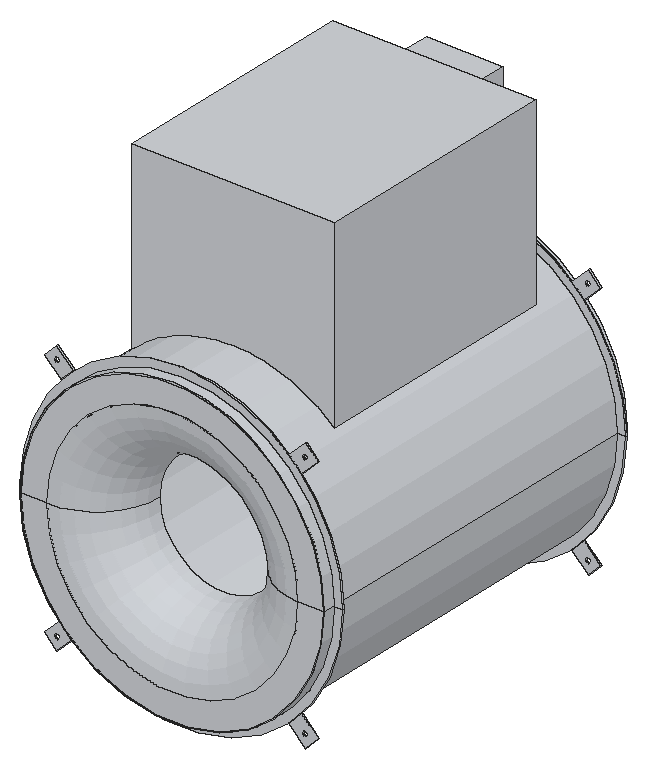
Revit family "QMX_Vertical_Level_2", category Mechanical Equipment, Revit 2019
Family settings
  Round Connector Dimension = Use Radius
  Part Type = Normal
  Work Plane-Based = No
  Always vertical = Yes
  Cut with Voids When Loaded = No
  Shared = No
  Room Calculation Point = No
Parameters (values of type "365-QMX_VER_LEVEL_2")
  hole_dia = 59 1/2"
  hole = (sqrt((hole_dia ^ 2) / 2)) / 2  # 21.03643"
  Unit Weight [instance] = ""
  Sones [instance] = ""
  Motor RPM [instance] = ""
  Motor Enclosure [instance] = ""
  ModelID [instance] = ""
  MC/2 = 17 1/4"
  LwA [instance] = ""
  H/2 = H / 2  # 13/32"
  H = 13/16"
  G/2 = G / 2  # 31 11/16"
  Fan RPM [instance] = ""
  Brake Hp [instance] = ""
  BRACKET/2 = BRACKET / 2  # 2"
  BRACKET = 4"
  Accessories [instance] = ""
  45 = 45.00°
  3 = 3"  # constant formula
  1.9375 = 1 15/16"  # constant formula
  -(G/2)-.75 = -((G / 2) - 3/4")  # -30 15/16"
  (G/2)-.75 = (G / 2) - 3/4"  # 30 15/16"
  G+1.5 = G + 1 1/2"  # 64 7/8"
  G = 63 3/8"
  F/2 = F / 2  # 20 1/4"
  F-1.5 = F - 1 1/2"  # 39"
  F+1.5 = F + 1 1/2"  # 42"
  F = 40 1/2"
  E-D-1.5 = E - D - 1 1/2"  # 48 15/16"
  E-D = E - D  # 50 7/16"
  E = 80 1/4"
  D = 29 13/16"
  C/2 = C / 2  # 27 3/8"
  C = 54 3/4"
  B/8 = B / 6  # 10.66667"
  B/6 = B / 6  # 10.66667"
  B/3*2 = B / 3 * 2  # 42.66667"
  B/2 = B / 2  # 32"
  B/10 = B / 10  # 6.4"
  B = 64"
  A/8 = A / 8  # 6 15/32"
  A/4 = A / 4  # 12 15/16"
  A/2 = A / 2  # 25 7/8"
  A = 51 3/4"
  0 = 0"  # constant formula
  Voltage [instance] = 0 V
  URL = "www.lorencook.com"
  Type Comments = "Mixed Flow Inline Vertical Mount Level 2 Belt Drive Arrangement 9"  # constant formula
  Static Pressure [instance] = 0.00 in-wg
  Power [instance] = Voltage * Motor FLA * sqrt(if(Phase = 3, 3, 1))  # 0 VA
  Phase [instance] = 0
  Number of Poles [instance] = 1
  Motor Hp [instance] = "0"
  Motor FLA [instance] = 0 A
  Model = "QMX-Vertical Level 2"  # constant formula
  Manufacturer = "Loren Cook Company"
  CFM [instance] = 0 CFM
  1.5 = 1 1/2"  # constant formula
  ONE EIGTH = 1/8"  # constant formula
  -(B/2) = -(B / 2)  # -32"
  (F+3)/2 = (F + 3") / 2  # 21 3/4"
  (A/2)-.125 = (A / 2) - 1/8"  # 25 3/4"
Types (19): name | hole_dia | hole | MC/2 | H/2 | H | G/2 | BRACKET/2 | BRACKET | -(G/2)-.75 | (G/2)-.75 | G+1.5 | G | F/2 | F-1.5 | F+1.5 | F | E-D-1.5 | E-D | E | D | C/2 | C | B/8 | B/6 | B/3*2 | B/2 | B/10 | B | A/8 | A/4 | A/2 | A | -(B/2) | (F+3)/2 | (A/2)-.125
  (no name) | 59 1/2" | 21.03643" | 17 1/4" | 13/32" | 13/16" | 31 11/16" | 2" | 4" | -30 15/16" | 30 15/16" | 64 7/8" | 63 3/8" | 20 1/4" | 39" | 42" | 40 1/2" | 48 15/16" | 50 7/16" | 80 1/4" | 29 13/16" | 27 3/8" | 54 3/4" | 10.66667" | 10.66667" | 42.66667" | 32" | 6.4" | 64" | 6 15/32" | 12 15/16" | 25 7/8" | 51 3/4" | -32" | 21 3/4" | 25 3/4"
  90-QMX_VER_LEVEL_2 | 19 3/16" | 6.78381" | 6" | 1/4" | 1/2" | 9 3/16" | 1 1/2" | 3" | -8 7/16" | 8 7/16" | 19 7/8" | 18 3/8" | 6 3/16" | 10 7/8" | 13 7/8" | 12 3/8" | 21 1/4" | 22 3/4" | 31 1/4" | 8 1/2" | 7 15/16" | 15 7/8" | 3 5/16" | 3 5/16" | 13 1/4" | 9 15/16" | 1.9875" | 19 7/8" | 1 77/128" | 3 13/64" | 6 13/32" | 12 13/16" | -9 15/16" | 7 11/16" | 6 9/32"
  120-QMX_VER_LEVEL_2 | 23 9/16" | 8.3306" | 8" | 1/4" | 1/2" | 11 1/4" | 1 1/2" | 3" | -10 1/2" | 10 1/2" | 24" | 22 1/2" | 7 3/4" | 14" | 17" | 15 1/2" | 24 11/16" | 26 3/16" | 36 11/16" | 10 1/2" | 10 1/32" | 20 1/16" | 4" | 4" | 16" | 12" | 2.4" | 24" | 2 17/128" | 4 17/64" | 8 17/32" | 17 1/16" | -12" | 9 1/4" | 8 13/32"
  135-QMX_VER_LEVEL_2 | 25 13/16" | 9.1261" | 9" | 1/4" | 1/2" | 12 3/4" | 1 1/2" | 3" | -12" | 12" | 27" | 25 1/2" | 8 3/4" | 16" | 19" | 17 1/2" | 26" | 27 1/2" | 39 1/2" | 12" | 11 1/8" | 22 1/4" | 4 1/2" | 4 1/2" | 18" | 13 1/2" | 2.7" | 27" | 2 13/32" | 4 13/16" | 9 5/8" | 19 1/4" | -13 1/2" | 10 1/4" | 9 1/2"
  150-QMX_VER_LEVEL_2 | 28" | 9.89949" | 10" | 1/4" | 1/2" | 14 5/16" | 1 1/2" | 3" | -13 9/16" | 13 9/16" | 30 1/8" | 28 5/8" | 9 3/8" | 17 1/4" | 20 1/4" | 18 3/4" | 27 3/8" | 28 7/8" | 42 1/16" | 13 3/16" | 12 3/16" | 24 3/8" | 5" | 5" | 20" | 15" | 3" | 30" | 2 43/64" | 5 11/32" | 10 11/16" | 21 3/8" | -15" | 10 7/8" | 10 9/16"
  165-QMX_VER_LEVEL_2 | 30 1/8" | 10.6508" | 10" | 1/4" | 1/2" | 15 13/16" | 1 1/2" | 3" | -15 1/16" | 15 1/16" | 33 1/8" | 31 5/8" | 10 13/32" | 19 5/16" | 22 5/16" | 20 13/16" | 27 15/16" | 29 7/16" | 43 3/4" | 14 5/16" | 13 1/4" | 26 1/2" | 5 1/2" | 5 1/2" | 22" | 16 1/2" | 3.3" | 33" | 2 15/16" | 5 7/8" | 11 3/4" | 23 1/2" | -16 1/2" | 11 29/32" | 11 5/8"
  180-QMX_VER_LEVEL_2 | 32 5/16" | 11.42419" | 10" | 9/32" | 9/16" | 16 13/16" | 1 1/2" | 3" | -16 1/16" | 16 1/16" | 35 1/8" | 33 5/8" | 11 13/32" | 21 5/16" | 24 5/16" | 22 13/16" | 29 1/4" | 30 3/4" | 46 1/4" | 15 1/2" | 14 5/16" | 28 5/8" | 5.83333" | 5.83333" | 23.33333" | 17 1/2" | 3 1/2" | 35" | 3 13/64" | 6 13/32" | 12 13/16" | 25 5/8" | -17 1/2" | 12 29/32" | 12 11/16"
  202-QMX_VER_LEVEL_2 | 35 1/2" | 12.55115" | 10" | 9/32" | 9/16" | 18 1/16" | 1 1/2" | 3" | -17 5/16" | 17 5/16" | 37 5/8" | 36 1/8" | 12 1/8" | 22 3/4" | 25 3/4" | 24 1/4" | 31 3/16" | 32 11/16" | 49 15/16" | 17 1/4" | 15 7/8" | 31 3/4" | 6 1/4" | 6 1/4" | 25" | 18 3/4" | 3 3/4" | 37 1/2" | 3 19/32" | 7 3/16" | 14 3/8" | 28 3/4" | -18 3/4" | 13 5/8" | 14 1/4"
  225-QMX_VER_LEVEL_2 | 38 3/4" | 13.70019" | 10 165/256" | 9/32" | 9/16" | 19 13/16" | 1 1/2" | 3" | -19 1/16" | 19 1/16" | 41 1/8" | 39 5/8" | 13 15/32" | 25 7/16" | 28 7/16" | 26 15/16" | 35 5/16" | 36 13/16" | 55 13/16" | 19" | 17 15/32" | 34 15/16" | 6.83333" | 6.83333" | 27.33333" | 20 1/2" | 4.1" | 41" | 3 127/128" | 7 63/64" | 15 31/32" | 31 15/16" | -20 1/2" | 14 31/32" | 15 27/32"
  245-QMX_VER_LEVEL_2 | 41 9/16" | 14.69456" | 11 149/256" | 11/32" | 11/16" | 21 9/16" | 1 1/2" | 3" | -20 13/16" | 20 13/16" | 44 5/8" | 43 1/8" | 14 15/32" | 27 7/16" | 30 7/16" | 28 15/16" | 37" | 38 1/2" | 59" | 20 1/2" | 18 7/8" | 37 3/4" | 7.41667" | 7.41667" | 29.66667" | 22 1/4" | 4.45" | 44 1/2" | 4 11/32" | 8 11/16" | 17 3/8" | 34 3/4" | -22 1/4" | 15 31/32" | 17 1/4"
  270-QMX_VER_LEVEL_2 | 45 1/8" | 15.9541" | 12 197/256" | 11/32" | 11/16" | 22 13/16" | 1 1/2" | 3" | -22 1/16" | 22 1/16" | 47 1/8" | 45 5/8" | 15 1/2" | 29 1/2" | 32 1/2" | 31" | 38 15/16" | 40 7/16" | 62 7/8" | 22 7/16" | 20 21/32" | 41 5/16" | 7.83333" | 7.83333" | 31.33333" | 23 1/2" | 4.7" | 47" | 4 101/128" | 9 37/64" | 19 5/32" | 38 5/16" | -23 1/2" | 17" | 19 1/32"
  300-QMX_VER_LEVEL_2 | 49 3/8" | 17.4567" | 14 43/256" | 11/32" | 11/16" | 26 5/16" | 1 1/2" | 3" | -25 9/16" | 25 9/16" | 54 1/8" | 52 5/8" | 16 7/8" | 32 1/4" | 35 1/4" | 33 3/4" | 41 13/16" | 43 5/16" | 68 1/16" | 24 3/4" | 22 3/4" | 45 1/2" | 9" | 9" | 36" | 27" | 5.4" | 54" | 5 5/16" | 10 5/8" | 21 1/4" | 42 1/2" | -27" | 18 3/8" | 21 1/8"
  330-QMX_VER_LEVEL_2 | 53 5/8" | 18.9593" | 15 149/256" | 11/32" | 11/16" | 28 9/16" | 1 1/2" | 3" | -27 13/16" | 27 13/16" | 58 5/8" | 57 1/8" | 18 3/8" | 35 1/4" | 38 1/4" | 36 3/4" | 46 5/16" | 47 13/16" | 74 13/16" | 27" | 24 7/8" | 49 3/4" | 9 3/4" | 9 3/4" | 39" | 29 1/4" | 5.85" | 58 1/2" | 5 27/32" | 11 11/16" | 23 3/8" | 46 3/4" | -29 1/4" | 19 7/8" | 23 1/4"
  365-QMX_VER_LEVEL_2 | 59 1/2" | 21.03643" | 17 1/4" | 13/32" | 13/16" | 31 11/16" | 2" | 4" | -30 15/16" | 30 15/16" | 64 7/8" | 63 3/8" | 20 1/4" | 39" | 42" | 40 1/2" | 48 15/16" | 50 7/16" | 80 1/4" | 29 13/16" | 27 3/8" | 54 3/4" | 10.66667" | 10.66667" | 42.66667" | 32" | 6.4" | 64" | 6 15/32" | 12 15/16" | 25 7/8" | 51 3/4" | -32" | 21 3/4" | 25 3/4"
  402-QMX_VER_LEVEL_2 | 64 7/8" | 22.93678" | 18 251/256" | 13/32" | 13/16" | 33 15/16" | 2" | 4" | -33 3/16" | 33 3/16" | 69 3/8" | 67 7/8" | 22" | 42 1/2" | 45 1/2" | 44" | 54 1/8" | 55 5/8" | 88 5/16" | 32 11/16" | 29 31/32" | 59 15/16" | 11.41667" | 11.41667" | 45.66667" | 34 1/4" | 6.85" | 68 1/2" | 7 15/128" | 14 15/64" | 28 15/32" | 56 15/16" | -34 1/4" | 23 1/2" | 28 11/32"
  445-QMX_VER_LEVEL_2 | 70 7/8" | 25.0581" | 21 5/256" | 13/32" | 13/16" | 36 11/16" | 2" | 4" | -35 15/16" | 35 15/16" | 74 7/8" | 73 3/8" | 24 1/8" | 46 3/4" | 49 3/4" | 48 1/4" | 57 3/8" | 58 7/8" | 94 7/8" | 36" | 33 1/32" | 66 1/16" | 12.33333" | 12.33333" | 49.33333" | 37" | 7.4" | 74" | 7 113/128" | 15 49/64" | 31 17/32" | 63 1/16" | -37" | 25 5/8" | 31 13/32"
  490-QMX_VER_LEVEL_2 | 78 1/8" | 27.62136" | 23 1/8" | 13/32" | 13/16" | 39 15/16" | 2" | 4" | -39 3/16" | 39 3/16" | 81 3/8" | 79 7/8" | 26 3/8" | 51 1/4" | 54 1/4" | 52 3/4" | 62 7/16" | 63 15/16" | 103 3/8" | 39 7/16" | 36 1/4" | 72 1/2" | 13.41667" | 13.41667" | 53.66667" | 40 1/4" | 8.05" | 80 1/2" | 8 43/64" | 17 11/32" | 34 11/16" | 69 3/8" | -40 1/4" | 27 7/8" | 34 9/16"
  540-QMX_VER_LEVEL_2 | 85 3/16" | 30.11833" | 25 123/256" | 13/32" | 13/16" | 43 3/16" | 2" | 4" | -42 7/16" | 42 7/16" | 87 7/8" | 86 3/8" | 29" | 56 1/2" | 59 1/2" | 58" | 66 1/8" | 67 5/8" | 110 15/16" | 43 5/16" | 39 25/32" | 79 9/16" | 14 1/2" | 14 1/2" | 58" | 43 1/2" | 8.7" | 87" | 9 71/128" | 19 7/64" | 38 7/32" | 76 7/16" | -43 1/2" | 30 1/2" | 38 3/32"
  600-QMX_VER_LEVEL_2 | 93 3/4" | 33.14563" | 28 75/256" | 13/32" | 13/16" | 47 7/16" | 2" | 4" | -46 11/16" | 46 11/16" | 96 3/8" | 94 7/8" | 32" | 62 1/2" | 65 1/2" | 64" | 70 9/16" | 72 1/16" | 122 1/16" | 50" | 44 3/16" | 88 3/8" | 15.91667" | 15.91667" | 63.66667" | 47 3/4" | 9.55" | 95 1/2" | 10 39/64" | 21 7/32" | 42 7/16" | 84 7/8" | -47 3/4" | 33 1/2" | 42 5/16"
Reference planes (in)
  plane 1 "Center (Front/Back)": y = 0
  plane 2: z = 0
  plane 3 "Center (Left/Right)": x = 0.40541
Forms (in)
  Extrusion 1, solid
    sketch origin (0, 0, 0) x (1, 0, 0) y (0, 0, 1)
      loop
        circle (0.40541, 0) r 25.875
      loop
        circle (0.40541, 0) r 25.75
    from -32 <- "-(B/2)" to 32 <- "B/2"
  Revolve 2, solid
    sketch origin (0, 0, 0) x (1, 0, 0) y (0, 1, 0)
      loop
        line (-25.34459, -32) -> (0.40541, -32) -> (0.40541, -21.33333) -> (-25.34459, -21.33333) -> (-25.34459, -32)
      axis (0.40541, -32) -> (0.40541, -21.33333)
    angle from 0 to 360
  Revolve 3, void
    sketch origin (0, 0, 0) x (1, 0, 0) y (0, 1, 0)
      loop
        line (0.40541, -21.33333) -> (-10.26125, -21.33333)
        arc (-10.26125, -21.33333) -> (-13.38545, -28.87581) -> (-20.92792, -32) r 10.66667
        line (-20.92792, -32) -> (0.40541, -32) -> (0.40541, -21.33333)
      axis (0.40541, -21.33333) -> (0.40541, -32)
    angle from 0 to 360
  Revolve 4, solid
    sketch origin (0, 0, 0) x (1, 0, 0) y (0, 1, 0)
      loop
        line (0.40541, 32) -> (-10.26125, 32) -> (-10.26125, 0) -> (0.40541, 0) -> (0.40541, 32)
      axis (0.40541, 32) -> (0.40541, 0)
    angle from 0 to 360
  Revolve 5, solid
    sketch origin (0, 0, 0) x (1, 0, 0) y (0, 1, 0)
      loop
        line (-26.96959, 30.0625) -> (-26.96959, 29.9375) -> (-25.46959, 29.9375) -> (-25.46959, 30.0625) -> (-26.96959, 30.0625)
      loop
        line (-26.96959, -29.9375) -> (-26.96959, -30.0625) -> (-25.46959, -30.0625) -> (-25.46959, -29.9375) -> (-26.96959, -29.9375)
      axis (0.40541, 30.0625) -> (0.40541, -30.0625)
    angle from 0 to 360
  Extrusion 6, solid
    sketch origin (0.40541, 29.9375, 0) x (-1, 0, 0) y (0, 0, -1)
      loop
        arc (6.46875, -25.05336) -> (0, -25.875) -> (-6.46875, -25.05336) r 25.875
        line (-6.46875, -25.05336) -> (-6.46875, -48.9375) -> (6.46875, -48.9375) -> (6.46875, -25.05336)
    from 0 to 6.4 <- "B/10"
  Extrusion 7, solid
    sketch origin (0.40541, 23.5375, 0) x (-1, 0, 0) y (0, 0, -1)
      loop
        line (-17.25, -19.28609) -> (-17.25, -50.4375) -> (17.25, -50.4375) -> (17.25, -19.28609)
        arc (17.25, -19.28609) -> (0, -25.875) -> (-17.25, -19.28609) r 25.875
    from 0 to 42.66667 <- "B/3*2"
  Extrusion 8, solid
    sketch origin (0.40541, -30.0625, 0) x (-1, 0, 0) y (0, 0, -1)
      loop
        line (20.38863, 18.26731) -> (23.21705, 21.09573) -> (21.09573, 23.21705) -> (18.26731, 20.38863)
        arc (18.26731, 20.38863) -> (19.35705, 19.35705) -> (20.38863, 18.26731) r 27.375
    from 0 to -0.125
  Extrusion 9, solid
    sketch origin (0.40541, -30.0625, 0) x (0, 0, -1) y (1, 0, 0)
      loop
        line (20.38863, 18.26731) -> (23.21705, 21.09573) -> (21.09573, 23.21705) -> (18.26731, 20.38863)
        arc (18.26731, 20.38863) -> (19.35705, 19.35705) -> (20.38863, 18.26731) r 27.375
    from 0 to -0.125
  Extrusion 10, solid
    sketch origin (0.40541, -30.0625, 0) x (1, 0, 0) y (0, 0, 1)
      loop
        line (20.38863, 18.26731) -> (23.21705, 21.09573) -> (21.09573, 23.21705) -> (18.26731, 20.38863)
        arc (18.26731, 20.38863) -> (19.35705, 19.35705) -> (20.38863, 18.26731) r 27.375
    from 0 to -0.125
  Extrusion 11, solid
    sketch origin (0.40541, -30.0625, 0) x (0, 0, 1) y (-1, 0, 0)
      loop
        line (20.38863, 18.26731) -> (23.21705, 21.09573) -> (21.09573, 23.21705) -> (18.26731, 20.38863)
        arc (18.26731, 20.38863) -> (19.35705, 19.35705) -> (20.38863, 18.26731) r 27.375
    from 0 to -0.125
  Extrusion 12, solid
    sketch origin (0.40541, 30.0625, 0) x (0, 0, -1) y (-1, 0, 0)
      loop
        line (18.26731, -20.38863) -> (21.09573, -23.21705) -> (23.21705, -21.09573) -> (20.38863, -18.26731)
        arc (20.38863, -18.26731) -> (19.35705, -19.35705) -> (18.26731, -20.38863) r 27.375
      loop
        arc (-18.26731, -20.38863) -> (-19.35705, -19.35705) -> (-20.38863, -18.26731) r 27.375
        line (-20.38863, -18.26731) -> (-23.21705, -21.09573) -> (-21.09573, -23.21705) -> (-18.26731, -20.38863)
      loop
        arc (-20.38863, 18.26731) -> (-19.35705, 19.35705) -> (-18.26731, 20.38863) r 27.375
        line (-18.26731, 20.38863) -> (-21.09573, 23.21705) -> (-23.21705, 21.09573) -> (-20.38863, 18.26731)
      loop
        arc (18.26731, 20.38863) -> (19.35705, 19.35705) -> (20.38863, 18.26731) r 27.375
        line (20.38863, 18.26731) -> (23.21705, 21.09573) -> (21.09573, 23.21705) -> (18.26731, 20.38863)
    from 0 to -0.125
  Extrusion 13, void
    sketch origin (0.40541, 30.0625, 0) x (0, 0, 1) y (-1, 0, 0)
      loop
        circle (-21.03643, -21.03643) r 0.40625
      loop
        circle (21.03643, -21.03643) r 0.40625
      loop
        circle (21.03643, 21.03643) r 0.40625
      loop
        circle (-21.03643, 21.03643) r 0.40625
    from 0 to 0.125
  Extrusion 14, void
    sketch origin (0.40541, -30.0625, 0) x (1, 0, 0) y (0, 0, -1)
      loop
        circle (-21.03643, -21.03643) r 0.40625
      loop
        circle (-21.03643, 21.03643) r 0.40625
      loop
        circle (21.03643, 21.03643) r 0.40625
      loop
        circle (21.03643, -21.03643) r 0.40625
    from 0 to 0.125
Cuts and joins
  Revolve 3 cuts Revolve 2
  Extrusion 13, Extrusion 14 cuts Revolve 5
  Extrusion 13 cuts Extrusion 12
  Extrusion 14 cuts Extrusion 8
  Extrusion 14 cuts Extrusion 9
  Extrusion 14 cuts Extrusion 10
  Extrusion 14 cuts Extrusion 11
Dimensions and locks (in)
  "0": Extrusion 1 sketch curve to level  (x2)
  "0": Revolve 2 sketch curve to plane 3 "Center (Left/Right)"  (x2)
  "0": Revolve 2 sketch curve to Extrusion 1
  "(A/2)-.125": Revolve 2 sketch curve to plane 3 "Center (Left/Right)"
  "B/8": Revolve 2 sketch curve to Extrusion 1
  "B/8": Revolve 3 sketch curve to plane 3 "Center (Left/Right)"
  "0": Revolve 3 sketch curve to Extrusion 1
  "0": Revolve 3 sketch curve to Revolve 2
  "0": Revolve 3 sketch curve to plane 3 "Center (Left/Right)"  (x2)
  "0": Revolve 4 sketch curve to plane 1 "Center (Front/Back)"
  "0": Revolve 4 sketch curve to plane 3 "Center (Left/Right)"  (x2)
  "B/8": Revolve 4 sketch curve to Revolve 4 sketch curve
  "ONE EIGTH": Revolve 5 sketch curve to Revolve 5 sketch curve  (x2)
  "A/2": Revolve 5 sketch curve to plane 3 "Center (Left/Right)"  (x2)
  "C/2": Revolve 5 sketch curve to plane 3 "Center (Left/Right)"  (x2)
  "0": Revolve 5 sketch curve to plane 3 "Center (Left/Right)"
  "A/8": plane 3 "Center (Left/Right)" to Extrusion 6 sketch curve
  "A/8": Extrusion 6 sketch curve to plane 3 "Center (Left/Right)"
  "E-D-1.5": Extrusion 6 sketch curve to level
  "E-D": Extrusion 7 sketch curve to level
  "MC/2": Extrusion 7 sketch curve to plane 3 "Center (Left/Right)"
  "MC/2": plane 3 "Center (Left/Right)" to Extrusion 7 sketch curve
  "0": Extrusion 7 sketch curve to level
  "0": plane 3 "Center (Left/Right)" to Extrusion 7 sketch curve
  "0": Extrusion 1 to Revolve 4 sketch curve
  "0": Extrusion 6 sketch curve to plane 3 "Center (Left/Right)"
  "3": Extrusion 8 sketch curve to Extrusion 8 sketch curve
  "BRACKET": Extrusion 8 sketch curve to Extrusion 8 sketch curve
  "0": Extrusion 8 sketch curve to level
  "0": Extrusion 8 sketch curve to plane 3 "Center (Left/Right)"
  "1.5": Extrusion 8 sketch curve to plane 3 "Center (Left/Right)"
  "3": Extrusion 9 sketch curve to Extrusion 9 sketch curve
  "BRACKET": Extrusion 9 sketch curve to Extrusion 9 sketch curve
  "3": Extrusion 10 sketch curve to Extrusion 10 sketch curve
  "BRACKET": Extrusion 10 sketch curve to Extrusion 10 sketch curve
  "3": Extrusion 11 sketch curve to Extrusion 11 sketch curve
  "BRACKET": Extrusion 11 sketch curve to Extrusion 11 sketch curve
  "1.5": Extrusion 9 sketch curve to plane 3 "Center (Left/Right)"
  "0": Extrusion 9 sketch curve to level
  "0": Extrusion 9 sketch curve to plane 3 "Center (Left/Right)"
  "0": Extrusion 10 sketch curve to level
  "0": Extrusion 10 sketch curve to plane 3 "Center (Left/Right)"
  "1.5": Extrusion 10 sketch curve to plane 3 "Center (Left/Right)"
  "1.5": Extrusion 11 sketch curve to plane 3 "Center (Left/Right)"
  "0": Extrusion 11 sketch curve to level
  "0": plane 3 "Center (Left/Right)" to Extrusion 11 sketch curve
  "0": Extrusion 12 sketch curve to Extrusion 9  (x3)
  "0": Extrusion 12 sketch curve to Extrusion 10
  Extrusion 12 sketch curve to Extrusion 10 = 0"
  "0": Extrusion 12 sketch curve to Extrusion 11  (x2)
  "0": Extrusion 11 to Extrusion 12 sketch curve
  "0": Extrusion 12 sketch curve to Extrusion 8  (x3)
  "hole": Extrusion 13 sketch curve to level  (x2)
  "hole": Extrusion 13 sketch curve to plane 3 "Center (Left/Right)"  (x2)
  "hole": level to Extrusion 13 sketch curve  (x2)
  "hole": plane 3 "Center (Left/Right)" to Extrusion 13 sketch curve  (x2)
  "hole": plane 3 "Center (Left/Right)" to Extrusion 14 sketch curve  (x2)
  "hole": Extrusion 14 sketch curve to level  (x2)
  "hole": level to Extrusion 14 sketch curve  (x2)
  "hole": Extrusion 14 sketch curve to plane 3 "Center (Left/Right)"  (x2)
  "1.9375": Extrusion 1 to Revolve 5 sketch curve
  "1.9375": Revolve 5 sketch curve to Extrusion 1
  "0": plane 3 "Center (Left/Right)" to Extrusion 12 sketch curve  (x4)
  "0": Extrusion 12 sketch curve to cut or joined group of Extrusion 10, Extrusion 14  (x2)
  "3": Extrusion 12 sketch curve to Extrusion 12 sketch curve
  "A/2": radius of Extrusion 1 sketch curve
  "(A/2)-.125": radius of Extrusion 1 sketch curve
  "B/8": radius of Revolve 3 sketch curve
  "A/2": radius of Extrusion 6 sketch curve
  "A/2": radius of Extrusion 7 sketch curve
  "C/2": radius of Extrusion 8 sketch curve
  "C/2": radius of Extrusion 9 sketch curve
  "C/2": radius of Extrusion 10 sketch curve
  "C/2": radius of Extrusion 11 sketch curve
  "C/2": radius of Extrusion 12 sketch curve  (x4)
  "H/2": radius of Extrusion 13 sketch curve  (x4)
  "H/2": radius of Extrusion 14 sketch curve  (x4)
  "45": angle level to Extrusion 8 sketch curve
  "45": angle Extrusion 9 sketch curve to level
  "45": angle level to Extrusion 10 sketch curve
  "45": angle Extrusion 11 sketch curve to level
Automatic sketch dimensions
  Extrusion 1 sketch curve to Extrusion 1 sketch curve = 0"
  Extrusion 1 sketch curve to plane 3 "Center (Left/Right)" = 0"
  Revolve 2 sketch curve to Revolve 2 sketch curve = 0"
  plane 1 "Center (Front/Back)" to Revolve 2 sketch curve = 3.17163"
  Revolve 3 sketch curve to Revolve 3 sketch curve = 0"  (x3)
  Revolve 3 sketch curve to Revolve 3 sketch curve = 3"
  Revolve 4 sketch curve to plane 1 "Center (Front/Back)" = 0"
  Revolve 4 sketch curve to Revolve 4 sketch curve = 4"
  Extrusion 6 sketch curve to Revolve 5 = 0"
  Extrusion 6 sketch curve to Extrusion 6 sketch curve = 0"
  Extrusion 7 sketch curve to Extrusion 7 sketch curve = 0"
  Revolve 5 sketch curve to Revolve 5 sketch curve = 4.07114"
  Revolve 5 sketch curve to Revolve 5 sketch curve = 4"
  Extrusion 12 sketch curve to Extrusion 12 sketch curve = 0"  (x3)
  Extrusion 12 sketch curve to Revolve 5 = 0"
Connectors (in)
  electrical at (-16.84459, 2.20417, 34.86179)
    settings: on Extrusion 7, index 1, voltage 0 V, apparent load 0 VA, apparent load phase1 0 VA, apparent load phase2 0 VA, apparent load phase3 0 VA, power factor 1, load classification "Other", number of poles 1, system type 30, power factor state 1, is connector primary yes, connector utility no, sub classification motor no, connector description ""
  hvac at (0.40541, -32, 0), driven by "A/2"
    settings: on cut or joined group of Revolve 2, Revolve 3, index 2, duct flow 0 CFM, flow factor 0, pres drop 0.00 in-wg, loss coef 0, conn angle 0.00°, conn width 12", conn height 12", conn diameter 51 3/4", duct sys type 29, conn prof type 0, flow config 0, flow direction 1, loss method 0, conn ref index -1, conn util no, is conn primary yes, conn desc ""
  hvac at (0.40541, 32, 0), driven by "A/2"
    settings: on Extrusion 1, index 3, duct flow 0 CFM, flow factor 0, pres drop 0.00 in-wg, loss coef 0, conn angle 0.00°, conn width 12", conn height 12", conn diameter 51 3/4", duct sys type 29, conn prof type 0, flow config 0, flow direction 2, loss method 0, conn ref index -1, conn util no, is conn primary no, conn desc ""
